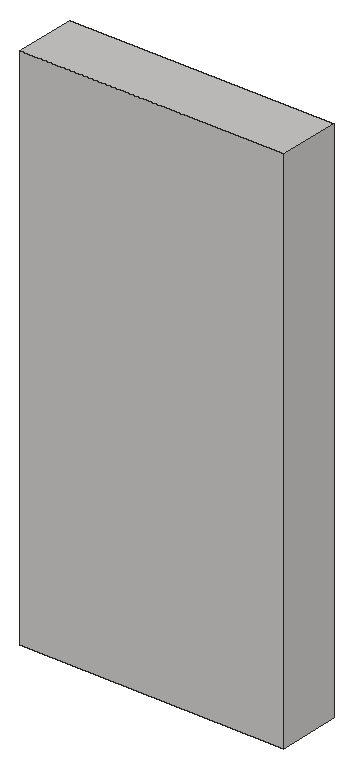
Revit family "Hydration_Station-Haws_Corporation-Brita_Hydration_Surface_Mount", category Specialty Equipment, host Wall, Revit 2013
Parameters (values of type "Surface Mounted")
  Width = 1' - 3"  # constant formula
  Voltage = 110 V
  URL = "http://www.britahydrationstation.com/"
  Type Comments = "Surface Mounted"  # constant formula
  Spec Data = "http://www.britahydrationstation.com/docs/brita-hydration-station-spec-sheets.pdf"
  Series = "Brita Hydration Station"  # constant formula
  Product Page URL = "http://www.britahydrationstation.com/brita-hydration-station/tech-specs/surface-mount-tech-specs/"
  Product Documentation Link = "http://www.britahydrationstation.com/docs/brita-hydration-station-spec-sheets.pdf"
  Power Factor = 1
  Phase = 1
  Panel Thickness = 0' - 3 1/2"  # constant formula
  Panel Finish = Metal-Haws-Stainless Steel-Brushed
  Sanitary Radius = 0' - 0 3/4"
  Outlet Description = "Aux Waste Port"
  Number of Poles = 1
  Model = "2000 SM"  # constant formula
  Manufacturer = "Haws Corporation 1455 Kleppe Lane Sparks, NV 89431"  # constant formula
  LEED = "http://www.britahydrationstation.com/brita-hydration-station/#sustainable"
  Installation Instructions = "http://www.britahydrationstation.com/docs/brita-hydration-station-2000sm-IN.pdf"
  Insert Tray = Plastic-Haws-ABS-Grey
  Supply Radius = 0' - 0 3/16"
  Inlet Description = "Supply Port"
  Hydration Center = Plastic-Haws-ABS-White
  Height = 2' - 6 1/4"  # constant formula
  Frequency = 60 Hz
  Flow = 1 GPM
  Faucet = Metal-Haws-Stainless Steel-Brushed
  Description = "Advanced Water Filtration System"  # constant formula
  Depth = 0' - 6 15/16"  # constant formula
  Default Elevation = 2' - 6"
  Cost Note = "For Cost information please visit the Resource tab in the Product Page URL"
  Assembly Code = "D2010800"
  Apparent Load = 110 VA
Reference planes (in)
  plane 1: y = 0
  plane 2 "Center (Left/Right)": x = 0
  plane 3 "Back": y = 6
  plane 4 "Front of Panel": y = 9.5
  plane 5 "Left": x = -7.5
  plane 6 "Right": x = 7.5
  plane 7 "Bottom": z = 30
  plane 8 "Top": z = 60.25
  plane 9: z = 31.4375
Forms (in)
  Extrusion 1, solid, material "Metal-Haws-Stainless Steel-Brushed" <- "Panel Finish"
    sketch origin (0, 0, 30) x (1, 0, 0) y (0, 1, 0)
      loop
        line (-7.5, 6) -> (7.5, 6) -> (7.5, 9.5) -> (-7.5, 9.5) -> (-7.5, 6)
    from 0 to 30.25
Lines and regions (in)
  Masking region 1
    outline origin (0, 0, 30) x (1, 0, 0) y (0, 1, 0)
      loop
        line (-7.5, 9.5) -> (-7.5, 6) -> (7.5, 6) -> (7.5, 9.5) -> (-7.5, 9.5)
  Masking region 2
    outline origin (0, 0, 30) x (1, 0, 0) y (0, 1, 0)
      loop
        line (-6, 10.51562) -> (-6.09375, 9.5) -> (6.09375, 9.5) -> (6, 10.51563)
        arc (6, 10.51563) -> (5.78065, 11.07133) -> (5.29687, 11.42188) r 1.06645
        arc (5.29687, 11.42188) -> (0, 12.3397) -> (-5.29687, 11.42188) r 15.74335
        arc (-5.29687, 11.42188) -> (-5.78065, 11.07133) -> (-6, 10.51562) r 1.06645
  symbolic lines, detail levels medium+fine
    curve 1: arc (-3.27344, 11.97826, 30) -> (-3.16634, 12.19262, 30) -> (-2.97266, 12.33373, 30) r 0.50629
    curve 2: arc (-2.97266, 12.33373, 30) -> (0, 12.92194, 30) -> (2.97266, 12.33373, 30) r 7.80561
    curve 3: arc (2.97266, 12.33373, 30) -> (3.16634, 12.19262, 30) -> (3.27344, 11.97826, 30) r 0.50629
Text (in)
  text "Placement Side" at (0, 40.15149, 123.01588), in view "Right"
  text "Placement Side" at (-99.06948, 60.55749, 0), in view "Ref. Level"
  text "Placement Side" at (0, 47.49176, 140.59947), in view "Left"
Dimensions and locks (in)
  locked: plane 3 "Back" to host wall
  equal spacing: plane 5 "Left", plane 2 "Center (Left/Right)", plane 6 "Right"
  "Width": plane 5 "Left" to plane 6 "Right"
  "Default Elevation": level to plane 7 "Bottom"
  "Height": plane 7 "Bottom" to plane 8 "Top"
  locked: plane 7 "Bottom" to plane 9 at 1.4375
  locked: nested 1 to plane 9 at 0
  locked: nested 1 to plane 4 "Front of Panel" at 0
  locked: nested 1 to plane 2 "Center (Left/Right)" at 0
  "Panel Thickness": plane 3 "Back" to plane 4 "Front of Panel"
  locked: plane 4 "Front of Panel" to Masking region 1 sketch curve at 3.5
  aligned and locked: plane 8 "Top" to Extrusion 1
  aligned and locked: Extrusion 1 to plane 7 "Bottom"
  aligned and locked: plane 3 "Back" to Extrusion 1 sketch curve
  aligned and locked: Extrusion 1 sketch curve to plane 6 "Right"
  aligned and locked: plane 4 "Front of Panel" to Extrusion 1 sketch curve
  aligned and locked: plane 5 "Left" to Extrusion 1 sketch curve
  aligned and locked: Masking region 1 sketch curve to plane 5 "Left"
  aligned and locked: plane 6 "Right" to Masking region 1 sketch curve
  aligned and locked: Masking region 1 sketch curve to plane 4 "Front of Panel"
Automatic sketch dimensions
  curve 2 to plane 2 "Center (Left/Right)" = 0' - 0"
  curve 2 to curve 1 = 0' - 0.19281"
  curve 1 to curve 2 = 0' - 0"
  curve 1 to curve 2 = 0' - 0 77/256"
  curve 3 to curve 3 = 0' - 0.19281"
  curve 2 to curve 3 = 0' - 0"
  curve 2 to curve 3 = 0' - 0 77/256"
  curve 2 to host wall = 0' - 0.88367"
  plane 4 "Front of Panel" to curve 3 = 0' - 2.36559"
  plane 4 "Front of Panel" to curve 1 = 0' - 2.36559"
  curve 3 to curve 2 = 0' - 0 91/256"
  Masking region 2 sketch curve to plane 4 "Front of Panel" = 0' - 0"
  Masking region 2 sketch curve to plane 2 "Center (Left/Right)" = 0' - 0"
  plane 4 "Front of Panel" to Masking region 2 sketch curve = 0' - 0.9176"  (x2)
  Masking region 2 sketch curve to plane 5 "Left" = 0' - 2.56193"
  Masking region 2 sketch curve to Masking region 2 sketch curve = 0' - 0.35881"
  Masking region 2 sketch curve to Masking region 2 sketch curve = 0' - 0"  (x2)
  Masking region 2 sketch curve to Masking region 2 sketch curve = 0' - 1.06193"  (x2)
  Masking region 2 sketch curve to Masking region 2 sketch curve = 0' - 0 3/32"  (x2)
  plane 6 "Right" to Masking region 2 sketch curve = 0' - 2.56193"
  plane 4 "Front of Panel" to Masking region 2 sketch curve = 0' - 1 1/64"
Nested families (in)
  nested 1: "Hydration_Station-Haws-Brita_Hydration" at (0, 10.125, 31.4375) x (-1, 0, 0) z (0, 0, 1), type "Hydration_Station-Haws-Brita_Hydration"
Connectors (in)
  electrical at (3.75, 4.75, 30), driven by "Number of Poles", driven by "Voltage", driven by "Apparent Load", driven by "Power Factor"
    settings: index 4, voltage 110 V, apparent load 0 VA, apparent load phase1 110 VA, apparent load phase2 0 VA, apparent load phase3 0 VA, power factor 1, load classification "Other", number of poles 1, system type 31, power factor state 1, is connector primary yes, connector utility no, sub classification motor no, connector description "Power Connector"
  piping at (0, 7.75, 30), driven by "Sanitary Radius", driven by "Outlet Description", driven by "Flow"
    settings: on Extrusion 1, index 5, connector radius 3/4", flow factor 0, pipe flow 1 GPM, pressure drop 0.00 psi, fitting loss kfactor 0, connector angle 0.00°, fixture units 0, engagement length 0' - 0", flow configuration 0, flow direction 2, fitting loss method 0, system type 16, joint type 0, gender type 0, connector reference index -1, connector utility 0, adjustable connector no, is connector primary yes, fitting loss table "", connector description "Aux Waste Port"
  piping at (0, 6, 45.125), driven by "Supply Radius", driven by "Inlet Description", driven by "Flow"
    settings: on Extrusion 1, index 6, connector radius 3/16", flow factor 0, pipe flow 1 GPM, pressure drop 0.00 psi, fitting loss kfactor 0, connector angle 0.00°, fixture units 0, engagement length 0' - 0", flow configuration 0, flow direction 1, fitting loss method 0, system type 20, joint type 0, gender type 0, connector reference index -1, connector utility 0, adjustable connector no, is connector primary no, fitting loss table "", connector description "Supply Port"
Definition of nested family "Hydration_Station-Haws-Brita_Hydration"
  Parameters (values of type "Hydration_Station-Haws-Brita_Hydration")
    Width = 1' - 0 3/16"  # constant formula
    URL = "http://www.hawsco.com/"
    Model = "Brita Hydration Station"  # constant formula
    Manufacturer = "Haws"  # constant formula
    Insert Tray = Plastic-Haws-ABS-Grey
    Height = 1' - 11 47/64"  # constant formula
    Finish = Plastic-Haws-ABS-White
    Faucet = Metal-Haws-Stainless Steel-Brushed
    Description = ""
    Assembly Code = "D2010800"
  Reference planes (in)
    plane 1 "Center (Front/Back)": y = 0
    plane 2 "Bottom": z = 0
    plane 3 "Center (Left/Right)": x = 0
    plane 4 "Front": y = -2.79688
    plane 5 "Back": y = 0.625
    plane 6 "Left": x = -6.09375
    plane 7 "Right": x = 6.09375
    plane 8 "Top": z = 23.73438
    plane 9 "Tray": z = 7.26172
  Forms (in)
    Extrusion 1, solid, material "Plastic-Haws-ABS-White" <- "Finish"
      sketch origin (0, 0, 0) x (1, 0, 0) y (0, 0, 1)
        loop
          arc (-5.29687, 22.83594) -> (-5.85926, 22.33085) -> (-6.09375, 21.61223) r 1.4603
          line (-6.09375, 21.61223) -> (-6.09375, 2.12214)
          arc (-6.09375, 2.12214) -> (-5.85926, 1.40353) -> (-5.29687, 0.89844) r 1.4603
          arc (-5.29687, 0.89844) -> (0, 0) -> (5.29688, 0.89844) r 16.06349
          arc (5.29688, 0.89844) -> (5.85926, 1.40353) -> (6.09375, 2.12214) r 1.4603
          line (6.09375, 2.12214) -> (6.09375, 21.61223)
          arc (6.09375, 21.61223) -> (5.85926, 22.33085) -> (5.29687, 22.83594) r 1.4603
          arc (5.29687, 22.83594) -> (0, 23.73438) -> (-5.29687, 22.83594) r 16.06349
        loop
          line (-3.27344, 3.125) -> (3.27344, 3.125) -> (3.27344, 19.85156) -> (-3.27344, 19.85156) -> (-3.27344, 3.125)
      from -0.625 to 2.79687
    Extrusion 2, solid, material "Plastic-Haws-ABS-White" <- "Finish"
      sketch origin (0, 0, 0) x (1, 0, 0) y (0, 0, 1)
        loop
          line (-3.27344, 3.125) -> (3.27344, 3.125) -> (3.27344, 19.85156) -> (-3.27344, 19.85156) -> (-3.27344, 3.125)
      from -0.625 to 0
    Extrusion 3, void
      sketch origin (0, 0, 0) x (1, 0, 0) y (0, 1, 0)
        loop
          line (6.09375, 0.625) -> (6, -0.39063)
          arc (6, -0.39063) -> (5.78065, -0.94633) -> (5.29688, -1.29688) r 1.06645
          line (5.29688, -1.29688) -> (5.29688, -2.79688) -> (6.09375, -2.79688) -> (6.09375, 0.625)
        loop
          line (-6.09375, 0.625) -> (-6.09375, -2.79688) -> (-5.29687, -2.79688) -> (-5.29687, -1.29688)
          arc (-5.29687, -1.29688) -> (-5.78065, -0.94633) -> (-6, -0.39063) r 1.06645
          line (-6, -0.39063) -> (-6.09375, 0.625)
      from 0 to 23.73437
    Extrusion 4, void
      sketch origin (0, 0, 0) x (1, 0, 0) y (0, 1, 0)
        loop
          line (-5.29687, -1.29688) -> (-5.29687, -2.79688) -> (5.29687, -2.79688) -> (5.29687, -1.29688)
          arc (5.29687, -1.29688) -> (0, -2.1875) -> (-5.29687, -1.29688) r 16.19655
      from 0 to 23.73438
    Sweep 5, void
      path origin (0, 0, 23.73437) x (-1, 0, 0) y (0, -1, 0)
        loop
          arc (6.09375, 0.99704) -> (0, 2.18856) -> (-6.09375, 0.99704) r 16.17835
      profile origin (0, -2.18856, 23.73437) x (0, 1, 0) y (0, 0, 1)
        loop
          line (-0.60831, -1.80697) -> (0, -1.80697)
          arc (0, -1.80697) -> (0.29942, -0.95334) -> (1.05575, -0.45703) r 1.41085
          line (1.05575, -0.45703) -> (2.81356, 0) -> (-0.60831, 0) -> (-0.60831, -1.80697)
    Sweep 6, void
      path origin (0, 0, 0) x (1, 0, 0) y (0, 1, 0)
        loop
          arc (-6.09375, -0.99704) -> (0, -2.18856) -> (6.09375, -0.99704) r 16.17835
      profile origin (0, -2.18856, 0) x (0, 1, 0) y (0, 0, 1)
        loop
          line (-0.60831, 1.80697) -> (-0.60831, 0) -> (2.81356, 0) -> (1.05575, 0.45703)
          arc (1.05575, 0.45703) -> (0.29942, 0.95334) -> (0, 1.80697) r 1.41085
          line (0, 1.80697) -> (-0.60831, 1.80697)
    Extrusion 7, void
      sketch origin (0, 0, 0) x (1, 0, 0) y (0, 0, 1)
        loop
          line (-6.09375, 8.51953) -> (-4.29297, 8.51953) -> (-4.29297, 20.88672) -> (-6.09375, 20.88672) -> (-6.09375, 8.51953)
        loop
          line (6.09375, 8.51953) -> (6.09375, 20.88672) -> (4.29297, 20.88672) -> (4.29297, 8.51953) -> (6.09375, 8.51953)
      from 0 to 2.79687
    Extrusion 8, solid, material "Plastic-Haws-ABS-Grey" <- "Insert Tray", detail levels medium+fine
      sketch origin (0, 0, 0) x (1, 0, 0) y (0, 1, 0)
        loop
          line (3.27344, -1.85326) -> (3.27344, 0) -> (-3.27344, 0) -> (-3.27344, -1.85326)
          arc (-3.27344, -1.85326) -> (0, -2.1875) -> (3.27344, -1.85326) r 16.19655
      from 3.125 to 4.57812
    Extrusion 9, solid, material "Plastic-Haws-ABS-Grey" <- "Insert Tray", detail levels medium+fine
      sketch origin (0, 0, 0) x (1, 0, 0) y (0, 1, 0)
        loop
          line (-3.27344, 0) -> (-3.27344, -1.85326)
          arc (-3.27344, -1.85326) -> (-3.16634, -2.06762) -> (-2.97266, -2.20873) r 0.50629
          arc (-2.97266, -2.20873) -> (0, -2.79694) -> (2.97266, -2.20873) r 7.80561
          arc (2.97266, -2.20873) -> (3.16634, -2.06762) -> (3.27344, -1.85326) r 0.50629
          line (3.27344, -1.85326) -> (3.27344, 0) -> (-3.27344, 0)
      from 4.57812 to 7.26172
    Extrusion 10, solid, material "Metal-Haws-Stainless Steel-Brushed" <- "Faucet", detail levels medium+fine
      sketch origin (0, 0, 23.73437) x (-1, 0, 0) y (0, -1, 0)
        loop
          circle (0, 1.09375) r 0.86133
      from -4.92578 to -3.88281
    Extrusion 11, solid, material "Plastic-Haws-ABS-White" <- "Finish", detail levels medium+fine
      sketch origin (0, 0, 0) x (1, 0, 0) y (0, 0, 1)
        loop
          line (-0.98828, 15.27344) -> (0.98828, 15.27344) -> (0.98828, 17.64844) -> (-0.98828, 17.64844) -> (-0.98828, 15.27344)
      from -0.625 to 0.0625
  Cuts and joins
    Extrusion 3, Extrusion 4, Sweep 5, Sweep 6, Extrusion 7 cuts Extrusion 1
    Extrusion 7 cuts Extrusion 2
  Lines and regions (in)
    Masking region 1
      outline origin (0, 0, 23.73437) x (-1, 0, 0) y (0, -1, 0)
        loop
          line (6.09375, -0.625) -> (6, 0.39063)
          arc (6, 0.39063) -> (5.78064, 0.94631) -> (5.29705, 1.29681) r 1.06633
          arc (5.29705, 1.29681) -> (0.0001, 2.21438) -> (-5.29685, 1.29681) r 15.74793
          arc (-5.29685, 1.29681) -> (-5.78064, 0.94631) -> (-6, 0.39063) r 1.06633
          line (-6, 0.39063) -> (-6.09375, -0.625) -> (6.09375, -0.625)
    Masking region 2, detail levels medium+fine
      outline origin (0, 0, 7.26172) x (-1, 0, 0) y (0, -1, 0)
        loop
          line (3.27344, 0) -> (3.27344, 1.85326)
          arc (3.27344, 1.85326) -> (3.16634, 2.06762) -> (2.97266, 2.20873) r 0.50629
          arc (2.97266, 2.20873) -> (0, 2.79694) -> (-2.97266, 2.20873) r 7.80561
          arc (-2.97266, 2.20873) -> (-3.16634, 2.06762) -> (-3.27344, 1.85326) r 0.50629
          line (-3.27344, 1.85326) -> (-3.27344, 0) -> (3.27344, 0)
    model lines, detail levels fine
      curve 1: circle (0, -0.0625, 16.46094) r 0.625 normal (0, -1, 0)
      curve 2: line (-0.98828, 0, 8.82422) -> (0.98828, 0, 8.82422)
      curve 3: line (-0.98828, 0, 13.82031) -> (-0.98828, 0, 8.82422)
      curve 4: line (0.98828, 0, 13.82031) -> (-0.98828, 0, 13.82031)
      curve 5: line (0.98828, 0, 8.82422) -> (0.98828, 0, 13.82031)
      curve 6: circle (5.22656, 0, 17.90234) r 0.10156 normal (0, -1, 0)
    symbolic lines, style "GenericModelHiddenLines", detail levels fine
      curve 7: circle (0, -1.09375, 23.73437) r 0.86133 normal (0, 0, 1)
    model lines
      curve 8: line (-6.09375, 0.625, 7.26172) -> (-6, -0.39062, 7.26172)
      curve 12: line (6.00003, -0.39033, 7.26172) -> (6.09375, 0.625, 7.26172)
    model lines, detail levels medium+fine
      curve 9: arc (-6, -0.39062, 7.26172) -> (-5.78071, -0.94626, 7.26172) -> (-5.29705, -1.29681, 7.26172) r 1.06645
      curve 10: arc (-5.29705, -1.29681, 7.26172) -> (-4.29257, -1.61836, 7.26172) -> (-3.26881, -1.8719, 7.26172) r 15.73578
      curve 11: arc (5.29685, -1.29681, 7.26172) -> (5.78066, -0.94614, 7.26172) -> (6.00003, -0.39033, 7.26172) r 1.0668
      curve 13: arc (5.29705, -1.29681, 7.26172) -> (4.29257, -1.61836, 7.26172) -> (3.26881, -1.8719, 7.26172) r 15.73578
  Dimensions and locks (in)
    plane 5 "Back" to plane 1 "Center (Front/Back)" to plane 4 "Front" = 0' - 0 5/8" locked, 0' - 2 51/64" locked
    equal spacing: plane 6 "Left", plane 3 "Center (Left/Right)", plane 7 "Right"
    "Width": plane 6 "Left" to plane 7 "Right"
    "Height": plane 8 "Top" to level
    plane 8 "Top" to Extrusion 1 sketch curve to Extrusion 1 sketch curve to Extrusion 1 sketch curve = 0' - 0 115/128" locked, 0' - 1.22371" locked, 0' - 1.76067" locked
    plane 8 "Top" to Extrusion 1 sketch curve to Extrusion 1 sketch curve = 0' - 0 115/128" locked, 0' - 1.22371" locked
    Extrusion 1 sketch curve to Extrusion 1 sketch curve to level = 0' - 1.22371" locked, 0' - 0 115/128" locked
    Extrusion 1 sketch curve to Extrusion 1 sketch curve to Extrusion 1 sketch curve to level = 0' - 1.00286" locked, 0' - 1.22371" locked, 0' - 0 115/128" locked
    plane 6 "Left" to Extrusion 1 sketch curve to Extrusion 1 sketch curve = 0' - 0 51/64" locked, 0' - 2 3/128" locked
    Extrusion 1 sketch curve to Extrusion 1 sketch curve to plane 7 "Right" = 0' - 2 3/128" locked, 0' - 0 51/64" locked
    locked: plane 6 "Left" to Extrusion 1 sketch curve at 0.79688
    locked: Extrusion 1 sketch curve to plane 7 "Right" at 0.79687
    locked: plane 8 "Top" to Extrusion 1 sketch curve at 0
    locked: level to Extrusion 1 sketch curve at 0
    locked: plane 6 "Left" to Extrusion 2 sketch curve at 2.82031
    locked: Extrusion 2 sketch curve to plane 7 "Right" at 2.82031
    locked: plane 8 "Top" to Extrusion 2 sketch curve at 3.88281
    locked: Extrusion 2 sketch curve to level at 3.125
    plane 6 "Left" to Extrusion 3 sketch curve to Extrusion 3 sketch curve = 0' - 0 3/32" locked, 0' - 0 45/64" locked
    plane 5 "Back" to Extrusion 3 sketch curve to Extrusion 3 sketch curve to Extrusion 3 sketch curve = 0' - 0" locked, 0' - 0.9176" locked, 0' - 0.09802" locked  (x2)
    Extrusion 3 sketch curve to Extrusion 3 sketch curve to plane 7 "Right" = 0' - 0 45/64" locked, 0' - 0 3/32" locked
    locked: plane 6 "Left" to Extrusion 4 sketch curve at 0.79687
    locked: Extrusion 4 sketch curve to plane 7 "Right" at 0.79688
    locked: plane 5 "Back" to Extrusion 4 sketch curve at 2.8125
    locked: plane 5 "Back" to Sweep 5 sketch curve at 2.81356
    plane 8 "Top" to Sweep 5 sketch curve to Sweep 5 sketch curve = 0' - 0 117/256" locked, 0' - 1.34994" locked
    plane 5 "Back" to Sweep 5 sketch curve to Sweep 5 sketch curve to Sweep 5 sketch curve = 0' - 0" locked, 0' - 1 97/128" locked, 0' - 1.05575" locked
    Sweep 6 sketch curve to Sweep 6 sketch curve to level = 0' - 1.34994" locked, 0' - 0 117/256" locked
    plane 5 "Back" to Sweep 6 sketch curve to Sweep 6 sketch curve to Sweep 6 sketch curve = 0' - 0" locked, 0' - 1 97/128" locked, 0' - 1.05575" locked
    locked: plane 5 "Back" to Sweep 6 sketch curve at 2.81356
    locked: plane 8 "Top" to Extrusion 7 sketch curve at 2.84766  (x2)
    locked: Extrusion 7 sketch curve to level at 8.51953  (x2)
    locked: plane 6 "Left" to Extrusion 7 sketch curve at 1.80078
    locked: Extrusion 7 sketch curve to plane 7 "Right" at 1.80078
    locked: plane 9 "Tray" to level at 7.26172
    locked: plane 5 "Back" to Extrusion 8 sketch curve at 2.8125
    locked: plane 6 "Left" to Extrusion 8 sketch curve at 2.82031
    locked: Extrusion 8 sketch curve to plane 7 "Right" at 2.82031
    Extrusion 8 to Extrusion 8 to level = 0' - 1 29/64" locked, 0' - 3 1/8" locked
    locked: plane 6 "Left" to Extrusion 9 sketch curve at 2.82031
    locked: Extrusion 9 sketch curve to plane 7 "Right" at 2.82031
    locked: Extrusion 9 to level at 4.57812
    locked: plane 5 "Back" to Extrusion 9 sketch curve at 2.36559  (x2)
    plane 8 "Top" to Extrusion 10 to Extrusion 10 = 0' - 3 113/128" locked, 0' - 1 11/256" locked
    locked: plane 3 "Center (Left/Right)" to curve 1 at 0
    plane 8 "Top" to Extrusion 11 sketch curve to Extrusion 11 sketch curve = 0' - 6 11/128" locked, 0' - 2 3/8" locked
    Extrusion 11 sketch curve to plane 3 "Center (Left/Right)" to Extrusion 11 sketch curve = 0' - 0 253/256" locked, 0' - 0 253/256" locked
    locked: plane 8 "Top" to curve 1 at 7.27344
    locked: plane 1 "Center (Front/Back)" to Extrusion 11 at 0.0625
    curve 4 to curve 2 to plane 9 "Tray" = 0' - 4 255/256" locked, 0' - 1 9/16" locked
    curve 3 to plane 3 "Center (Left/Right)" to curve 5 = 0' - 0 253/256" locked, 0' - 0 253/256" locked
    locked: plane 8 "Top" to curve 6 at 5.83203
    locked: curve 6 to plane 7 "Right" at 0.86719
    plane 5 "Back" to Masking region 1 sketch curve to Masking region 1 sketch curve = 0' - 1 1/64" locked, 0' - 0.90619" locked  (x2)
    plane 6 "Left" to Masking region 1 sketch curve to Masking region 1 sketch curve to Masking region 1 sketch curve = 0' - 0" locked, 0' - 0 3/32" locked, 0' - 0.70315" locked
    Masking region 1 sketch curve to Masking region 1 sketch curve to plane 7 "Right" to Masking region 1 sketch curve = 0' - 0.70315" locked, 0' - 0 3/32" locked, 0' - 0" locked
    locked: plane 3 "Center (Left/Right)" to curve 7 at 0
    locked: plane 5 "Back" to curve 7 at 1.71875
    locked: plane 5 "Back" to Masking region 2 sketch curve at 2.36559  (x2)
    Masking region 2 sketch curve to plane 3 "Center (Left/Right)" to Masking region 2 sketch curve = 0' - 3 35/128" locked, 0' - 3 35/128" locked
    curve 8 to plane 6 "Left" to curve 9 to curve 10 = 0' - 0" locked, 0' - 0 3/32" locked, 0' - 0.70295" locked
    locked: plane 6 "Left" to curve 10 at 2.82494
    curve 13 to curve 13 to curve 11 to plane 7 "Right" to curve 12 = 0' - 2.02824" locked, 0' - 0.70298" locked, 0' - 0.09372" locked, 0' - 0" locked
    plane 5 "Back" to curve 8 to curve 9 to curve 10 = 0' - 0" locked, 0' - 1 1/64" locked, 0' - 0.90619" locked
    plane 5 "Back" to curve 12 to curve 13 = 0' - 1.01533" locked, 0' - 0.90648" locked
    aligned and locked: Extrusion 1 sketch curve to plane 6 "Left"
    aligned and locked: Extrusion 1 sketch curve to plane 7 "Right"
    aligned and locked: plane 5 "Back" to Extrusion 1
    aligned and locked: Extrusion 1 to plane 4 "Front"
    aligned and locked: plane 5 "Back" to Extrusion 2
    aligned and locked: plane 1 "Center (Front/Back)" to Extrusion 2
    aligned and locked: plane 8 "Top" to Extrusion 3
    aligned and locked: Extrusion 3 to level
    aligned and locked: plane 8 "Top" to Extrusion 4
    aligned and locked: plane 4 "Front" to Extrusion 3 sketch curve
    aligned and locked: plane 6 "Left" to Extrusion 3 sketch curve
    aligned and locked: Extrusion 3 sketch curve to plane 4 "Front"
    aligned and locked: plane 7 "Right" to Extrusion 3 sketch curve
    aligned and locked: Extrusion 4 sketch curve to plane 4 "Front"
    aligned and locked: Extrusion 4 to level
    aligned and locked: plane 6 "Left" to Sweep 5 sketch curve
    aligned and locked: plane 7 "Right" to Sweep 5 sketch curve
    aligned and locked: Sweep 5 sketch curve to plane 8 "Top"
    aligned and locked: plane 4 "Front" to Sweep 5 sketch curve
    aligned and locked: Sweep 6 sketch curve to level
    aligned and locked: plane 7 "Right" to Sweep 6 sketch curve
    aligned and locked: plane 6 "Left" to Sweep 6 sketch curve
    aligned and locked: plane 6 "Left" to Extrusion 7 sketch curve
    aligned and locked: plane 7 "Right" to Extrusion 7 sketch curve
    aligned and locked: Extrusion 7 to plane 1 "Center (Front/Back)"
    aligned and locked: Extrusion 7 to plane 4 "Front"
    aligned and locked: plane 1 "Center (Front/Back)" to Extrusion 8 sketch curve
    aligned: Extrusion 8 to cut or joined group of Extrusion 1, Extrusion 3, Extrusion 4, Sweep 5, Sweep 6, Extrusion 7
    aligned and locked: plane 1 "Center (Front/Back)" to Extrusion 9 sketch curve
    aligned and locked: plane 9 "Tray" to Extrusion 9
    aligned and locked: plane 5 "Back" to Extrusion 11
    aligned and locked: Masking region 1 sketch curve to plane 5 "Back"
    aligned and locked: Masking region 2 sketch curve to plane 1 "Center (Front/Back)"
  Automatic sketch dimensions
    Extrusion 1 sketch curve to plane 6 "Left" = 0' - 1.4582"  (x2)
    plane 7 "Right" to Extrusion 1 sketch curve = 0' - 1.4582"  (x2)
    Extrusion 3 sketch curve to Extrusion 3 sketch curve = 0' - 1.06193"
    Extrusion 3 sketch curve to Extrusion 3 sketch curve = 0' - 0.35881"
    Extrusion 4 sketch curve to plane 3 "Center (Left/Right)" = 0' - 0"
    plane 1 "Center (Front/Back)" to Extrusion 4 sketch curve = 0' - 1 19/64"
    Sweep 5 sketch curve to plane 3 "Center (Left/Right)" = 0' - 0"
    plane 5 "Back" to Sweep 5 sketch curve = 1' - 1.36479"
    Sweep 5 sketch curve to profile plane = 0' - 1.41077"
    Sweep 6 sketch curve to plane 3 "Center (Left/Right)" = 0' - 0"
    plane 1 "Center (Front/Back)" to Sweep 6 sketch curve = 0' - 0.99704"
    profile plane to Sweep 6 sketch curve = 0' - 0.60831"
    Sweep 6 sketch curve to profile plane = 0' - 1.41077"
    Extrusion 8 sketch curve to plane 3 "Center (Left/Right)" = 0' - 0"
    Extrusion 8 sketch curve to Extrusion 8 sketch curve = 0' - 1.85326"
    Extrusion 9 sketch curve to plane 3 "Center (Left/Right)" = 0' - 0"
    Extrusion 9 sketch curve to Extrusion 9 sketch curve = 0' - 0 77/256"
    Extrusion 9 sketch curve to Extrusion 9 sketch curve = 0' - 0"  (x2)
    Extrusion 9 sketch curve to Extrusion 9 sketch curve = 0' - 0.49359"  (x2)
    Extrusion 9 sketch curve to Extrusion 9 sketch curve = 0' - 0.11267"
    Extrusion 10 sketch curve to plane 3 "Center (Left/Right)" = 0' - 0"
    plane 1 "Center (Front/Back)" to Extrusion 10 sketch curve = 0' - 1 3/32"
    Masking region 1 sketch curve to Masking region 1 sketch curve = 0' - 0"
    plane 1 "Center (Front/Back)" to Masking region 1 sketch curve = 0' - 0.29261"  (x2)
    Masking region 1 sketch curve to Masking region 1 sketch curve = 0' - 0.0002"
    Masking region 2 sketch curve to plane 3 "Center (Left/Right)" = 0' - 0"
    Masking region 2 sketch curve to Masking region 2 sketch curve = 0' - 0 77/256"
    Masking region 2 sketch curve to Masking region 2 sketch curve = 0' - 0"  (x2)
    Masking region 2 sketch curve to Masking region 2 sketch curve = 0' - 0.49359"  (x2)
    plane 5 "Back" to Masking region 2 sketch curve = 0' - 4.38367"
    curve 12 to plane 5 "Back" = 0' - 0"
    curve 13 to curve 11 = 0' - 0.0002"
    plane 1 "Center (Front/Back)" to curve 11 = 0' - 0.29228"
    curve 11 to curve 11 = 0' - 1.06228"
    plane 3 "Center (Left/Right)" to curve 13 = 0' - 0.0001"
    curve 10 to plane 3 "Center (Left/Right)" = 0' - 0.0001"
    plane 1 "Center (Front/Back)" to curve 9 = 0' - 0.2926"
    curve 10 to curve 9 = 0' - 0"
    curve 10 to curve 13 = 0' - 0"
    Masking region 1 sketch curve to plane 3 "Center (Left/Right)" = 0' - 0.0001"
    radius of curve 6 = 0' - 0 13/128"
    radius of curve 7 = 0' - 0.86133"
    radius of Extrusion 10 sketch curve = 0' - 0.86133"
    radius of curve 1 = 0' - 0 5/8"
